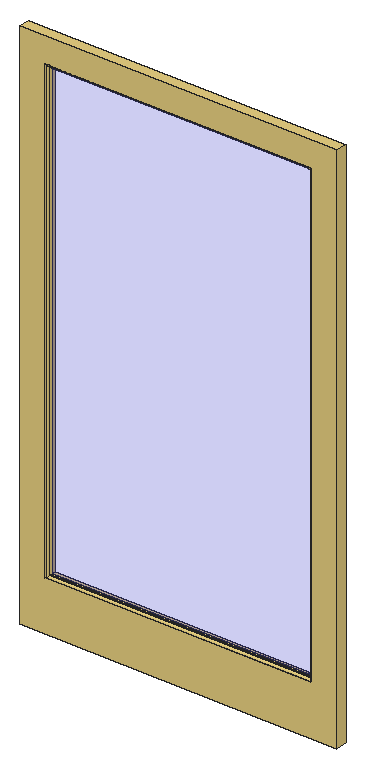
Revit family "DTI-_A3Pivot-Glass", category Generic Models, Revit 2016
Family settings
  Part Type = Undefined
  Can host rebar = No
  Round Connector Dimension = Use Diameter
  Work Plane-Based = No
  Always vertical = Yes
  Cut with Voids When Loaded = No
  Shared = No
  Room Calculation Point = No
Parameters (values of type "Single Door")
  Width = 1200 mm
  Height = 2032 mm
  Glass Material = Glass
  Frame Material = Kiln Dried Wood
Reference planes
  plane 1 "Center (Front/Back)": y = 0
  plane 2: z = 0
  plane 3 "Center (Left/Right)": x = 0
  plane 4: x = -600
  plane 5: x = 600
  plane 6: z = 2032
  plane 7: z = 1972
  plane 8: z = 155
Forms (mm)
  Sweep 1, solid, material "Kiln Dried Wood" <- "Frame Material"
    path origin (0, 0, 0) x (1, 0, 0) y (0, 0, 1)
      loop
        line (-600, 0) -> (600, 0)
    profile "Glass B : Glass B" origin (0, 0, 0) x (0, 0, 1) y (0, -1, 0)
      loop
        line (0, -22) -> (191, -22) -> (191, -10) -> (155, -10) -> (155, 2) -> (200, 2) -> (200, 12) -> (198, 12)
        arc (198, 12) -> (195.657, 17.657) -> (190, 20) r 8
        line (190, 20) -> (190, 22) -> (0, 22) -> (0, -22)
  Sweep 2, solid, material "Kiln Dried Wood" <- "Frame Material"
    path origin (0, 0, 0) x (1, 0, 0) y (0, 0, 1)
      loop
        line (-600, 155) -> (-600, 2032) -> (600, 2032) -> (600, 155)
    profile "Glass T : Glass T" origin (0, 0, 2032) x (0, 0, 1) y (0, -1, 0)
      loop
        line (0, -22) -> (0, 22) -> (-95, 22) -> (-95, 20)
        arc (-95, 20) -> (-100.657, 17.657) -> (-103, 12) r 8
        line (-103, 12) -> (-105, 12) -> (-105, 2) -> (-60, 2) -> (-60, -10) -> (-96, -10) -> (-96, -22) -> (0, -22)
  Extrusion 3, solid, material "Glass" <- "Glass Material"
    sketch origin (0, 0, 0) x (1, 0, 0) y (0, 1, 0)
      loop
        line (-540, 10) -> (-540, -2) -> (540, -2) -> (540, 10) -> (-540, 10)
    from 155 to 1972
Cuts and joins
  joined: Sweep 1, Sweep 2
Dimensions and locks
  equal spacing: plane 4, plane 3 "Center (Left/Right)", plane 5
  "Width": plane 4 to plane 5
  "Height": plane 6 to level
  locked: plane 8 to level at 155
  locked: plane 6 to plane 7 at 60
  aligned and locked: plane 4 to Sweep 1 sketch curve
  aligned and locked: plane 5 to Sweep 1 sketch curve
  aligned and locked: Sweep 1 sketch curve to level
  aligned and locked: plane 8 to Sweep 2 sketch curve  (x2)
  aligned and locked: Sweep 2 sketch curve to plane 6
  aligned and locked: plane 4 to Sweep 2 sketch curve
  aligned and locked: plane 5 to Sweep 2 sketch curve
  aligned and locked: cut or joined group of Sweep 1, Sweep 2 to Extrusion 3 sketch curve
  aligned and locked: Extrusion 3 sketch curve to cut or joined group of Sweep 1, Sweep 2  (x3)
  aligned and locked: plane 7 to Extrusion 3
  aligned and locked: Extrusion 3 to plane 8
